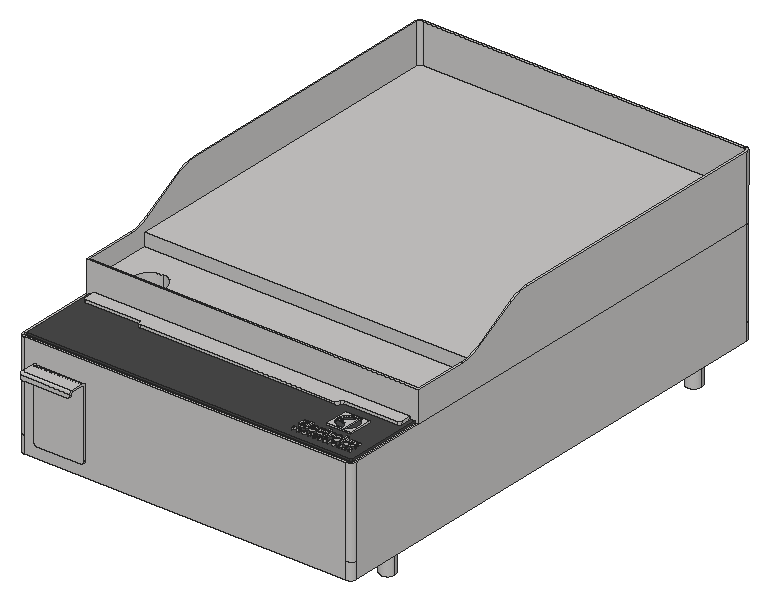
Revit family "QF_ELECTROLUXPROFESSIONAL_602347_E1IREEOMCS", category Specialty Equipment, Revit 2023
Family settings
  Round Connector Dimension = Use Diameter
  Part Type = Normal
  Work Plane-Based = No
  Enable Cutting in Views = No
  Always vertical = Yes
  Cut with Voids When Loaded = No
  Maintain Annotation Orientation = No
  Shared = No
  Room Calculation Point = No
Parameters (values of type "Standard")
  Watts = 0 W
  Volts = 220 V
  URL = "http://professional.electrolux.com"
  Steam Supply Size = 0 mm
  Steam Supply Minimum Pressure = 0.0 Pa
  Steam Supply Maximum Pressure = 0.0 Pa
  Steam Pounds per Hour = 0
  Show Logo [instance] = yes
  Manufacturer = "Electrolux Professional"
  Phase = 1
  Model = "E1IREEOMCS"
  Item Number = "602347"
  Hot Water Size = 0 mm
  HP = "4.7 HP"
  Gas Size = 0 mm
  Gas KW = 0
  Direct Waste Size = 0 mm
  Description = "PLUG-IN INDUCTION GRIDDLE, STAINLESS STEEL SMOOTH PLATE"
  Default Elevation = 0 mm
  Cycle = 60 Hz
  Condensate Return Size = 0 mm
  Compressed Air Volume = 0.0 L/s
  Compressed Air Size = 0 mm
  Compressed Air Pressure = 0.0 Pa
  Cold Water Size = 0 mm
Reference planes
  plane 1 "Centro (Fronte/Retro)": y = 74.737
  plane 2: z = 0
  plane 3: x = -514.269
  plane 4 "LEFT": x = -714.269
  plane 5 "RIGHT": x = -314.269
  plane 6 "BACK": y = 374.737
  plane 7 "FRONT": y = -225.263
  plane 8: x = -712.269
  plane 9: y = 372.737
  plane 10: x = -316.269
  plane 11: y = -223.263
  plane 12: y = -124.263
  plane 13: x = -701.269
  plane 14: x = -327.269
  plane 15: y = 304.737
  plane 16: y = -155.263
  plane 17: x = -442.269
  plane 18: y = 179.737
  plane 19: z = 764
Forms (mm)
  Extrusion 1, solid, material "QF_Finishes_Stainless Steel"
    sketch origin (0, 0, 788) x (1, 0, 0) y (0, 1, 0)
      loop
        arc (-707.269, 374.737) -> (-712.218, 372.687) -> (-714.269, 367.737) r 7
        line (-714.269, 367.737) -> (-714.269, -218.263)
        arc (-714.269, -218.263) -> (-712.218, -223.213) -> (-707.269, -225.263) r 7
        line (-707.269, -225.263) -> (-321.269, -225.263)
        arc (-321.269, -225.263) -> (-316.319, -223.213) -> (-314.269, -218.263) r 7
        line (-314.269, -218.263) -> (-314.269, 367.737)
        arc (-314.269, 367.737) -> (-316.319, 372.687) -> (-321.269, 374.737) r 7
        line (-321.269, 374.737) -> (-707.269, 374.737)
    from 0 to 20
  Extrusion 2, solid, material "QF_Finishes_Stainless Steel"
    sketch origin (0, 0, 788) x (1, 0, 0) y (0, 1, 0)
      loop
        line (-321.269, 374.737) -> (-707.269, 374.737)
        arc (-707.269, 374.737) -> (-712.218, 372.687) -> (-714.269, 367.737) r 7
        line (-714.269, 367.737) -> (-714.269, -218.263)
        arc (-714.269, -218.263) -> (-712.218, -223.213) -> (-707.269, -225.263) r 7
        line (-707.269, -225.263) -> (-321.269, -225.263)
        arc (-321.269, -225.263) -> (-316.319, -223.213) -> (-314.269, -218.263) r 7
        line (-314.269, -218.263) -> (-314.269, 367.737)
        arc (-314.269, 367.737) -> (-316.319, 372.687) -> (-321.269, 374.737) r 7
      loop
        arc (-707.269, 372.737) -> (-710.804, 371.273) -> (-712.269, 367.737) r 5
        line (-712.269, 367.737) -> (-712.269, -218.263)
        arc (-712.269, -218.263) -> (-710.804, -221.798) -> (-707.269, -223.263) r 5
        line (-707.269, -223.263) -> (-321.269, -223.263)
        arc (-321.269, -223.263) -> (-317.733, -221.798) -> (-316.269, -218.263) r 5
        line (-316.269, -218.263) -> (-316.269, 367.737)
        arc (-316.269, 367.737) -> (-317.733, 371.273) -> (-321.269, 372.737) r 5
        line (-321.269, 372.737) -> (-707.269, 372.737)
    from 20 to 126
  Extrusion 3, solid, material "QF_Finishes_Black"
    sketch origin (0, 0, 914) x (-1, 0, 0) y (0, -1, 0)
      loop
        line (709.269, 124.263) -> (709.269, 218.263)
        arc (709.269, 218.263) -> (708.683, 219.677) -> (707.269, 220.263) r 2
        line (707.269, 220.263) -> (321.269, 220.263)
        arc (321.269, 220.263) -> (319.854, 219.677) -> (319.269, 218.263) r 2
        line (319.269, 218.263) -> (319.269, 124.263) -> (709.269, 124.263)
    from 0 to 2
  Extrusion 4, solid, material "QF_Finishes_Stainless Steel"
    sketch origin (0, 0, 914) x (-1, 0, 0) y (0, -1, 0)
      loop
        arc (701.269, 124.263) -> (703.39, 125.142) -> (704.269, 127.263) r 3
        line (704.269, 127.263) -> (704.269, 137.763)
        arc (704.269, 137.763) -> (703.39, 139.884) -> (701.269, 140.763) r 3
        line (701.269, 140.763) -> (637.269, 140.763)
        arc (637.269, 140.763) -> (635.147, 141.642) -> (634.269, 143.763) r 3
        arc (634.269, 143.763) -> (633.39, 145.884) -> (631.269, 146.763) r 3
        line (631.269, 146.763) -> (397.269, 146.763)
        arc (397.269, 146.763) -> (395.147, 145.884) -> (394.269, 143.763) r 3
        arc (394.269, 143.763) -> (393.39, 141.642) -> (391.269, 140.763) r 3
        line (391.269, 140.763) -> (327.269, 140.763)
        arc (327.269, 140.763) -> (325.147, 139.884) -> (324.269, 137.763) r 3
        line (324.269, 137.763) -> (324.269, 127.263)
        arc (324.269, 127.263) -> (325.147, 125.142) -> (327.269, 124.263) r 3
        line (327.269, 124.263) -> (701.269, 124.263)
    from 2 to 5
  Extrusion 5, solid, material "QF_Finishes_Stainless Steel"
    sketch origin (0, 0, 140) x (-1, 0, 0) y (0, -1, 0)
      loop
        circle (701.269, -304.737) r 9
      loop
        circle (327.269, -304.737) r 9
      loop
        circle (701.269, 155.263) r 9
      loop
        circle (327.269, 155.263) r 9
    from 624 to 648
  Extrusion 6, solid, material "QF_Finishes_Stainless Steel"
    sketch origin (0, 0, 140) x (-1, 0, 0) y (0, -1, 0)
      loop
        circle (442.269, -179.737) r 10
    from 638.028 to 648
  Extrusion 7, solid, material "QF_Finishes_Stainless Steel"
    sketch origin (0, 0, 140) x (-1, 0, 0) y (0, -1, 0)
      loop
        line (321.269, -374.737) -> (707.269, -374.737)
        arc (707.269, -374.737) -> (712.218, -372.687) -> (714.269, -367.737) r 7
        line (714.269, -367.737) -> (714.269, 124.263) -> (314.269, 124.263) -> (314.269, -367.737)
        arc (314.269, -367.737) -> (316.319, -372.687) -> (321.269, -374.737) r 7
      loop
        line (712.269, 122.263) -> (316.269, 122.263) -> (316.269, -367.737)
        arc (316.269, -367.737) -> (317.733, -371.273) -> (321.269, -372.737) r 5
        line (321.269, -372.737) -> (707.269, -372.737)
        arc (707.269, -372.737) -> (710.804, -371.273) -> (712.269, -367.737) r 5
        line (712.269, -367.737) -> (712.269, 122.263)
    from 774 to 851
  Extrusion 8, void
    sketch origin (-714.269, 367.737, 140) x (0, 1, 0) y (0, 0, 1)
      loop
        line (-492, 851) -> (-492, 811) -> (-425.278, 811)
        arc (-425.278, 811) -> (-412.445, 812.675) -> (-400.471, 817.588) r 50
        line (-400.471, 817.588) -> (-353.529, 844.412)
        arc (-353.529, 844.412) -> (-341.555, 849.325) -> (-328.722, 851) r 50
        line (-328.722, 851) -> (-492, 851)
    from 0 to 400
  Extrusion 9, solid, material "QF_Finishes_Stainless Steel"
    sketch origin (0, 0, 140) x (-1, 0, 0) y (0, -1, 0)
      loop
        line (712.269, -367.737) -> (712.269, 40.263) -> (316.269, 40.263) -> (316.269, -367.737)
        arc (316.269, -367.737) -> (317.733, -371.273) -> (321.269, -372.737) r 5
        line (321.269, -372.737) -> (707.269, -372.737)
        arc (707.269, -372.737) -> (710.804, -371.273) -> (712.269, -367.737) r 5
    from 774 to 804.06
  Extrusion 10, solid, material "QF_Finishes_Stainless Steel"
    sketch origin (0, 0, 140) x (-1, 0, 0) y (0, -1, 0)
      loop
        line (712.269, 40.263) -> (712.269, 122.263) -> (316.269, 122.263) -> (316.269, 40.263) -> (712.269, 40.263)
    from 774 to 789
  Extrusion 11, solid, material "QF_Finishes_Stainless Steel"
    sketch origin (-695.269, 367.737, 788) x (0, -1, 0) y (0, 0, 1)
      loop
        line (593, 14) -> (594.5, 14) -> (594.5, 99)
        arc (594.5, 99) -> (594.939, 100.061) -> (596, 100.5) r 1.5
        line (596, 100.5) -> (612, 100.5)
        arc (612, 100.5) -> (613.061, 100.061) -> (613.5, 99) r 1.5
        line (613.5, 99) -> (613.5, 94) -> (615, 94) -> (615, 99)
        arc (615, 99) -> (614.121, 101.121) -> (612, 102) r 3
        line (612, 102) -> (596, 102)
        arc (596, 102) -> (593.879, 101.121) -> (593, 99) r 3
        line (593, 99) -> (593, 14)
    from 0 to -60
  Extrusion 12, void
    sketch origin (-695.269, -226.763, 802) x (0, 0, 1) y (1, 0, 0)
      loop
        arc (4, 0) -> (1.172, 1.172) -> (0, 4) r 4
        line (0, 4) -> (0, 0) -> (4, 0)
      loop
        line (4, 60) -> (0, 60) -> (0, 56)
        arc (0, 56) -> (1.172, 58.828) -> (4, 60) r 4
    from 1.5 to 0
  Extrusion 13, void
    sketch origin (-695.269, -247.263, 890) x (0, 0, 1) y (1, 0, 0)
      loop
        arc (-4, 0) -> (-6.828, 1.172) -> (-8, 4) r 4
        line (-8, 4) -> (-8, 0) -> (-4, 0)
      loop
        line (-4, 60) -> (-8, 60) -> (-8, 56)
        arc (-8, 56) -> (-6.828, 58.828) -> (-4, 60) r 4
    from 0 to 1.5
  Extrusion 14, void
    sketch origin (3.3, 0, 929) x (0, -1, 0) y (-1, 0, 0)
      loop
        circle (91.263, 667.536) r 19
    from 0 to 71.307
Cuts and joins
  Extrusion 12, Extrusion 13 cuts Extrusion 1
  Extrusion 12, Extrusion 13 cuts Extrusion 2
  joined: Extrusion 1, Extrusion 2
  Extrusion 8 cuts Extrusion 7
  Extrusion 12, Extrusion 13 cuts Extrusion 11
  Extrusion 14 cuts Extrusion 10
Lines and regions (mm)
  symbolic lines
    curve 1: line (-321.269, 374.737, 126) -> (-707.269, 374.737, 126)
    curve 2: arc (-707.269, 374.737, 126) -> (-712.218, 372.687, 126) -> (-714.269, 367.737, 126) r 7
    curve 3: line (-714.269, 367.737, 126) -> (-714.269, -218.263, 126)
    curve 4: arc (-714.269, -218.263, 126) -> (-712.218, -223.213, 126) -> (-707.269, -225.263, 126) r 7
    curve 5: line (-707.269, -225.263, 126) -> (-321.269, -225.263, 126)
    curve 6: arc (-321.269, -225.263, 126) -> (-316.319, -223.213, 126) -> (-314.269, -218.263, 126) r 7
    curve 7: line (-314.269, -218.263, 126) -> (-314.269, 367.737, 126)
    curve 8: arc (-314.269, 367.737, 126) -> (-316.319, 372.687, 126) -> (-321.269, 374.737, 126) r 7
    curve 9: line (-707.269, 372.737, 126) -> (-321.269, 372.737, 126)
    curve 10: arc (-321.269, 372.737, 126) -> (-317.733, 371.273, 126) -> (-316.269, 367.737, 126) r 5
    curve 11: line (-316.269, 367.737, 126) -> (-316.269, -218.263, 126)
    curve 12: arc (-316.269, -218.263, 126) -> (-317.733, -221.798, 126) -> (-321.269, -223.263, 126) r 5
    curve 13: line (-321.269, -223.263, 126) -> (-707.269, -223.263, 126)
    curve 14: arc (-707.269, -223.263, 126) -> (-710.804, -221.798, 126) -> (-712.269, -218.263, 126) r 5
    curve 15: line (-712.269, -218.263, 126) -> (-712.269, 367.737, 126)
    curve 16: arc (-712.269, 367.737, 126) -> (-710.804, 371.273, 126) -> (-707.269, 372.737, 126) r 5
    curve 17: line (-631.269, -146.763, 126) -> (-397.269, -146.763, 126)
    curve 18: arc (-397.269, -146.763, 126) -> (-395.147, -145.884, 126) -> (-394.269, -143.763, 126) r 3
    curve 19: arc (-394.269, -143.763, 126) -> (-393.39, -141.642, 126) -> (-391.269, -140.763, 126) r 3
    curve 20: line (-391.269, -140.763, 126) -> (-327.269, -140.763, 126)
    curve 21: arc (-327.269, -140.763, 126) -> (-325.147, -139.884, 126) -> (-324.269, -137.763, 126) r 3
    curve 22: line (-324.269, -137.763, 126) -> (-324.269, -127.263, 126)
    curve 23: arc (-324.269, -127.263, 126) -> (-325.147, -125.142, 126) -> (-327.269, -124.263, 126) r 3
    curve 24: arc (-701.269, -124.263, 126) -> (-703.39, -125.142, 126) -> (-704.269, -127.263, 126) r 3
    curve 25: line (-704.269, -127.263, 126) -> (-704.269, -137.763, 126)
    curve 26: arc (-704.269, -137.763, 126) -> (-703.39, -139.884, 126) -> (-701.269, -140.763, 126) r 3
    curve 27: line (-701.269, -140.763, 126) -> (-637.269, -140.763, 126)
    curve 28: line (-319.269, -218.263, 126) -> (-319.269, -124.263, 126)
    curve 29: line (-709.269, -124.263, 126) -> (-709.269, -218.263, 126)
    curve 30: arc (-709.269, -218.263, 126) -> (-708.683, -219.677, 126) -> (-707.269, -220.263, 126) r 2
    curve 31: line (-707.269, -220.263, 126) -> (-321.269, -220.263, 126)
    curve 32: arc (-321.269, -220.263, 126) -> (-319.854, -219.677, 126) -> (-319.269, -218.263, 126) r 2
    curve 33: arc (-637.269, -140.763, 126) -> (-635.147, -141.642, 126) -> (-634.269, -143.763, 126) r 3
    curve 34: arc (-634.269, -143.763, 126) -> (-633.39, -145.884, 126) -> (-631.269, -146.763, 126) r 3
    curve 35: line (-709.269, -124.263, 0) -> (-319.269, -124.263, 0)
    curve 36: line (-712.269, -40.263, 126) -> (-316.269, -40.263, 126)
    curve 37: line (-378.626, -153.452, 126) -> (-378.626, -182.168, 126)
    curve 38: line (-378.626, -182.168, 126) -> (-349.912, -182.168, 126)
    curve 39: line (-349.912, -182.168, 126) -> (-349.912, -153.452, 126)
    curve 40: line (-349.912, -153.452, 126) -> (-378.626, -153.452, 126)
    curve 41: line (-375.841, -162.424, 126) -> (-375.07, -161.023, 126)
    curve 42: line (-375.07, -161.023, 126) -> (-374.141, -159.732, 126)
    curve 43: line (-374.141, -159.732, 126) -> (-373.065, -158.564, 126)
    curve 44: line (-373.065, -158.564, 126) -> (-371.856, -157.535, 126)
    curve 45: line (-371.856, -157.535, 126) -> (-370.527, -156.661, 126)
    curve 46: line (-370.527, -156.661, 126) -> (-369.091, -155.954, 126)
    curve 47: line (-369.091, -155.954, 126) -> (-367.562, -155.431, 126)
    curve 48: line (-367.562, -155.431, 126) -> (-365.952, -155.107, 126)
    curve 49: arc (-365.952, -155.107, 126) -> (-363.752, -155.007, 126) -> (-361.567, -155.279, 126) r 13.008
    curve 50: arc (-361.567, -155.279, 126) -> (-361.815, -157.647, 126) -> (-362.651, -159.876, 126) r 9.395
    curve 51: line (-362.651, -159.876, 126) -> (-363.438, -161.245, 126)
    curve 52: line (-363.438, -161.245, 126) -> (-364.403, -162.507, 126)
    curve 53: line (-364.403, -162.507, 126) -> (-365.524, -163.648, 126)
    curve 54: line (-365.524, -163.648, 126) -> (-366.781, -164.654, 126)
    curve 55: line (-366.781, -164.654, 126) -> (-368.151, -165.509, 126)
    curve 56: line (-368.151, -165.509, 126) -> (-369.615, -166.2, 126)
    curve 57: line (-369.615, -166.2, 126) -> (-371.15, -166.712, 126)
    curve 58: line (-371.15, -166.712, 126) -> (-372.736, -167.029, 126)
    curve 59: line (-372.736, -167.029, 126) -> (-374.352, -167.138, 126)
    curve 60: line (-374.352, -167.138, 126) -> (-377.067, -167.138, 126)
    curve 61: line (-377.067, -167.138, 126) -> (-376.852, -165.495, 126)
    curve 62: line (-376.852, -165.495, 126) -> (-376.439, -163.92, 126)
    curve 63: line (-376.439, -163.92, 126) -> (-375.841, -162.424, 126)
    curve 64: line (-360.221, -179.969, 126) -> (-360.221, -155.646, 126)
    curve 65: line (-360.221, -155.646, 126) -> (-358.743, -156.237, 126)
    curve 66: line (-358.743, -156.237, 126) -> (-357.363, -157.003, 126)
    curve 67: line (-357.363, -157.003, 126) -> (-356.095, -157.931, 126)
    curve 68: line (-356.095, -157.931, 126) -> (-354.951, -159.007, 126)
    curve 69: line (-354.951, -159.007, 126) -> (-353.945, -160.217, 126)
    curve 70: line (-353.945, -160.217, 126) -> (-353.092, -161.548, 126)
    curve 71: line (-353.092, -161.548, 126) -> (-352.403, -162.986, 126)
    curve 72: line (-352.403, -162.986, 126) -> (-351.894, -164.517, 126)
    curve 73: line (-351.894, -164.517, 126) -> (-351.576, -166.128, 126)
    curve 74: line (-351.576, -166.128, 126) -> (-351.464, -167.804, 126)
    curve 75: line (-351.464, -167.804, 126) -> (-351.567, -169.456, 126)
    curve 76: line (-351.567, -169.456, 126) -> (-351.873, -171.047, 126)
    curve 77: line (-351.873, -171.047, 126) -> (-352.372, -172.563, 126)
    curve 78: line (-352.372, -172.563, 126) -> (-353.05, -173.992, 126)
    curve 79: line (-353.05, -173.992, 126) -> (-353.897, -175.319, 126)
    curve 80: line (-353.897, -175.319, 126) -> (-354.899, -176.532, 126)
    curve 81: line (-354.899, -176.532, 126) -> (-356.044, -177.617, 126)
    curve 82: line (-356.044, -177.617, 126) -> (-357.321, -178.56, 126)
    curve 83: line (-357.321, -178.56, 126) -> (-358.718, -179.349, 126)
    curve 84: line (-358.718, -179.349, 126) -> (-360.221, -179.969, 126)
    curve 85: line (-369.613, -169.43, 126) -> (-368.15, -170.12, 126)
    curve 86: line (-368.15, -170.12, 126) -> (-366.78, -170.975, 126)
    curve 87: line (-366.78, -170.975, 126) -> (-365.524, -171.98, 126)
    curve 88: line (-365.524, -171.98, 126) -> (-364.403, -173.12, 126)
    curve 89: line (-364.403, -173.12, 126) -> (-363.439, -174.381, 126)
    curve 90: line (-363.439, -174.381, 126) -> (-362.652, -175.748, 126)
    curve 91: arc (-362.652, -175.748, 126) -> (-361.85, -177.982, 126) -> (-361.568, -180.34, 126) r 10.532
    curve 92: arc (-361.568, -180.34, 126) -> (-362.906, -180.548, 126) -> (-364.258, -180.63, 126) r 14.39
    curve 93: line (-364.258, -180.63, 126) -> (-365.828, -180.532, 126)
    curve 94: line (-365.828, -180.532, 126) -> (-367.331, -180.252, 126)
    curve 95: line (-367.331, -180.252, 126) -> (-368.77, -179.801, 126)
    curve 96: line (-368.77, -179.801, 126) -> (-370.134, -179.191, 126)
    curve 97: line (-370.134, -179.191, 126) -> (-371.411, -178.434, 126)
    curve 98: line (-371.411, -178.434, 126) -> (-372.589, -177.541, 126)
    curve 99: line (-372.589, -177.541, 126) -> (-373.656, -176.525, 126)
    curve 100: line (-373.656, -176.525, 126) -> (-374.6, -175.397, 126)
    curve 101: line (-374.6, -175.397, 126) -> (-375.41, -174.168, 126)
    curve 102: line (-375.41, -174.168, 126) -> (-376.073, -172.852, 126)
    curve 103: line (-376.073, -172.852, 126) -> (-376.579, -171.46, 126)
    curve 104: line (-376.579, -171.46, 126) -> (-376.915, -170.003, 126)
    curve 105: line (-376.915, -170.003, 126) -> (-377.069, -168.493, 126)
    curve 106: line (-377.069, -168.493, 126) -> (-374.35, -168.493, 126)
    curve 107: line (-374.35, -168.493, 126) -> (-372.734, -168.602, 126)
    curve 108: line (-372.734, -168.602, 126) -> (-371.148, -168.919, 126)
    curve 109: line (-371.148, -168.919, 126) -> (-369.613, -169.43, 126)
    curve 110: arc (-399.495, -197.154, 126) -> (-398.466, -199.638, 126) -> (-395.982, -200.667, 126) r 3.513
    curve 111: line (-395.982, -200.667, 126) -> (-392.408, -200.667, 126)
    curve 112: line (-392.408, -200.667, 126) -> (-392.408, -198.85, 126)
    curve 113: line (-392.408, -198.85, 126) -> (-395.966, -198.85, 126)
    curve 114: arc (-395.966, -198.85, 126) -> (-397.094, -198.382, 126) -> (-397.562, -197.254, 126) r 1.596
    curve 115: line (-397.562, -197.254, 126) -> (-397.562, -195.74, 126)
    curve 116: line (-397.562, -195.74, 126) -> (-392.843, -195.74, 126)
    curve 117: line (-392.843, -195.74, 126) -> (-392.843, -193.917, 126)
    curve 118: line (-392.843, -193.917, 126) -> (-397.563, -193.917, 126)
    curve 119: line (-397.563, -193.917, 126) -> (-397.563, -191.264, 126)
    curve 120: line (-397.563, -191.264, 126) -> (-392.542, -191.264, 126)
    curve 121: line (-392.542, -191.264, 126) -> (-392.542, -189.445, 126)
    curve 122: line (-392.542, -189.445, 126) -> (-399.495, -189.445, 126)
    curve 123: line (-399.495, -189.445, 126) -> (-399.495, -193.353, 126)
    curve 124: line (-399.495, -193.353, 126) -> (-399.495, -197.154, 126)
    curve 125: line (-389.101, -189.455, 126) -> (-391.035, -189.455, 126)
    curve 126: line (-391.035, -189.455, 126) -> (-391.035, -194.76, 126)
    curve 127: line (-391.035, -194.76, 126) -> (-391.035, -200.681, 126)
    curve 128: line (-391.035, -200.681, 126) -> (-389.101, -200.681, 126)
    curve 129: line (-389.101, -200.681, 126) -> (-389.101, -194.721, 126)
    curve 130: line (-389.101, -194.721, 126) -> (-389.101, -189.455, 126)
    curve 131: arc (-380.394, -193.787, 126) -> (-383.654, -192.313, 126) -> (-386.913, -193.787, 126) r 4.34
    curve 132: arc (-386.913, -193.787, 126) -> (-387.819, -196.606, 126) -> (-386.913, -199.425, 126) r 4.838
    curve 133: arc (-386.913, -199.425, 126) -> (-383.498, -200.88, 126) -> (-380.082, -199.425, 126) r 4.737
    curve 134: line (-380.082, -199.425, 126) -> (-381.246, -198.293, 126)
    curve 135: arc (-381.246, -198.293, 126) -> (-383.382, -199.237, 126) -> (-385.517, -198.293, 126) r 2.888
    curve 136: arc (-385.517, -198.293, 126) -> (-385.841, -197.736, 126) -> (-385.905, -197.095, 126) r 1.527
    curve 137: line (-385.905, -197.095, 126) -> (-379.564, -197.095, 126)
    curve 138: arc (-379.564, -197.095, 126) -> (-379.672, -195.364, 126) -> (-380.394, -193.787, 126) r 4.757
    curve 139: line (-381.505, -195.736, 126) -> (-385.858, -195.736, 126)
    curve 140: arc (-385.858, -195.736, 126) -> (-385.043, -194.411, 126) -> (-383.56, -193.941, 126) r 2.23
    curve 141: arc (-383.56, -193.941, 126) -> (-382.221, -194.482, 126) -> (-381.505, -195.736, 126) r 2.201
    curve 142: arc (-372.029, -198.26, 126) -> (-376.639, -196.593, 126) -> (-372.029, -194.927, 126) r 2.606
    curve 143: line (-372.029, -194.927, 126) -> (-370.832, -193.681, 126)
    curve 144: arc (-370.832, -193.681, 126) -> (-378.564, -196.594, 126) -> (-370.832, -199.507, 126) r 4.415
    curve 145: line (-370.832, -199.507, 126) -> (-372.029, -198.26, 126)
    curve 146: line (-369.629, -193.481, 126) -> (-369.629, -197.299, 126)
    curve 147: arc (-369.629, -197.299, 126) -> (-368.592, -199.893, 126) -> (-365.911, -200.681, 126) r 3.196
    curve 148: line (-365.911, -200.681, 126) -> (-365.904, -198.864, 126)
    curve 149: arc (-365.904, -198.864, 126) -> (-367.239, -198.457, 126) -> (-367.699, -197.14, 126) r 1.542
    curve 150: line (-367.699, -197.14, 126) -> (-367.699, -194.319, 126)
    curve 151: line (-367.699, -194.319, 126) -> (-365.94, -194.319, 126)
    curve 152: line (-365.94, -194.319, 126) -> (-365.94, -192.562, 126)
    curve 153: line (-365.94, -192.562, 126) -> (-367.696, -192.562, 126)
    curve 154: line (-367.696, -192.562, 126) -> (-367.696, -189.455, 126)
    curve 155: line (-367.696, -189.455, 126) -> (-369.629, -189.455, 126)
    curve 156: line (-369.629, -189.455, 126) -> (-369.629, -193.481, 126)
    curve 157: arc (-359.402, -192.451, 126) -> (-361.13, -192.587, 126) -> (-362.397, -193.771, 126) r 2.627
    curve 158: line (-362.397, -193.771, 126) -> (-362.397, -192.563, 126)
    curve 159: line (-362.397, -192.563, 126) -> (-364.315, -192.563, 126)
    curve 160: line (-364.315, -192.563, 126) -> (-364.315, -196.541, 126)
    curve 161: line (-364.315, -196.541, 126) -> (-364.315, -200.681, 126)
    curve 162: line (-364.315, -200.681, 126) -> (-362.397, -200.681, 126)
    curve 163: line (-362.397, -200.681, 126) -> (-362.397, -196.412, 126)
    curve 164: arc (-362.397, -196.412, 126) -> (-361.445, -194.585, 126) -> (-359.402, -194.319, 126) r 2.229
    curve 165: line (-359.402, -194.319, 126) -> (-359.402, -192.451, 126)
    curve 166: arc (-350.248, -196.625, 126) -> (-354.668, -192.205, 126) -> (-359.088, -196.625, 126) r 4.42
    curve 167: arc (-359.088, -196.625, 126) -> (-354.668, -201.046, 126) -> (-350.248, -196.625, 126) r 4.42
    curve 168: arc (-357.176, -196.625, 126) -> (-354.668, -194.117, 126) -> (-352.16, -196.625, 126) r 2.508
    curve 169: arc (-352.16, -196.625, 126) -> (-354.668, -199.134, 126) -> (-357.176, -196.625, 126) r 2.508
    curve 170: line (-347.124, -189.454, 126) -> (-349.058, -189.454, 126)
    curve 171: line (-349.058, -189.454, 126) -> (-349.058, -194.566, 126)
    curve 172: line (-349.058, -194.566, 126) -> (-349.058, -200.682, 126)
    curve 173: line (-349.058, -200.682, 126) -> (-347.124, -200.682, 126)
    curve 174: line (-347.124, -200.682, 126) -> (-347.124, -194.643, 126)
    curve 175: line (-347.124, -194.643, 126) -> (-347.124, -189.454, 126)
    curve 176: line (-343.697, -192.562, 126) -> (-345.646, -192.562, 126)
    curve 177: line (-345.646, -192.562, 126) -> (-345.646, -194.915, 126)
    curve 178: line (-345.646, -194.915, 126) -> (-345.646, -197.715, 126)
    curve 179: arc (-345.646, -197.715, 126) -> (-341.931, -201.044, 126) -> (-338.204, -197.728, 126) r 3.745
    curve 180: line (-338.204, -197.728, 126) -> (-338.204, -194.915, 126)
    curve 181: line (-338.204, -194.915, 126) -> (-338.204, -192.562, 126)
    curve 182: line (-338.204, -192.562, 126) -> (-340.152, -192.562, 126)
    curve 183: line (-340.152, -192.562, 126) -> (-340.152, -197.299, 126)
    curve 184: arc (-340.152, -197.299, 126) -> (-341.925, -199.071, 126) -> (-343.697, -197.299, 126) r 1.772
    curve 185: line (-343.697, -197.299, 126) -> (-343.697, -192.562, 126)
    curve 186: line (-334.237, -196.397, 126) -> (-335.916, -198.735, 126)
    curve 187: line (-335.916, -198.735, 126) -> (-337.313, -200.682, 126)
    curve 188: line (-337.313, -200.682, 126) -> (-335.235, -200.682, 126)
    curve 189: line (-335.235, -200.682, 126) -> (-333.174, -197.813, 126)
    curve 190: line (-333.174, -197.813, 126) -> (-331.112, -200.682, 126)
    curve 191: line (-331.112, -200.682, 126) -> (-329.034, -200.682, 126)
    curve 192: line (-329.034, -200.682, 126) -> (-330.891, -198.085, 126)
    curve 193: line (-330.891, -198.085, 126) -> (-332.11, -196.38, 126)
    curve 194: line (-332.11, -196.38, 126) -> (-330.601, -194.325, 126)
    curve 195: line (-330.601, -194.325, 126) -> (-329.308, -192.563, 126)
    curve 196: line (-329.308, -192.563, 126) -> (-331.418, -192.563, 126)
    curve 197: line (-331.418, -192.563, 126) -> (-333.174, -194.995, 126)
    curve 198: line (-333.174, -194.995, 126) -> (-334.946, -192.563, 126)
    curve 199: line (-334.946, -192.563, 126) -> (-337.039, -192.563, 126)
    curve 200: line (-337.039, -192.563, 126) -> (-335.839, -194.205, 126)
    curve 201: line (-335.839, -194.205, 126) -> (-334.237, -196.397, 126)
    curve 202: line (-399.467, -205.699, 126) -> (-399.467, -209.59, 126)
    curve 203: line (-399.467, -209.59, 126) -> (-398.667, -209.59, 126)
    curve 204: line (-398.667, -209.59, 126) -> (-398.667, -208.271, 126)
    curve 205: line (-398.667, -208.271, 126) -> (-397.697, -208.271, 126)
    curve 206: arc (-397.697, -208.271, 126) -> (-396.674, -206.863, 126) -> (-397.967, -205.699, 126) r 1.3
    curve 207: line (-397.967, -205.699, 126) -> (-399.467, -205.699, 126)
    curve 208: line (-398.667, -207.52, 126) -> (-398.667, -206.434, 126)
    curve 209: line (-398.667, -206.434, 126) -> (-397.861, -206.434, 126)
    curve 210: arc (-397.861, -206.434, 126) -> (-397.461, -206.977, 126) -> (-397.861, -207.52, 126) r 0.569
    curve 211: line (-397.861, -207.52, 126) -> (-398.667, -207.52, 126)
    curve 212: line (-393.389, -205.699, 126) -> (-393.389, -209.59, 126)
    curve 213: line (-393.389, -209.59, 126) -> (-392.589, -209.59, 126)
    curve 214: line (-392.589, -209.59, 126) -> (-392.589, -208.249, 126)
    curve 215: line (-392.589, -208.249, 126) -> (-391.763, -208.249, 126)
    curve 216: line (-391.763, -208.249, 126) -> (-390.957, -209.59, 126)
    curve 217: line (-390.957, -209.59, 126) -> (-390.05, -209.59, 126)
    curve 218: line (-390.05, -209.59, 126) -> (-391.058, -207.929, 126)
    curve 219: arc (-391.058, -207.929, 126) -> (-390.677, -206.531, 126) -> (-391.863, -205.699, 126) r 1.26
    curve 220: line (-391.863, -205.699, 126) -> (-393.389, -205.699, 126)
    curve 221: line (-392.589, -207.52, 126) -> (-392.589, -206.434, 126)
    curve 222: line (-392.589, -206.434, 126) -> (-391.782, -206.434, 126)
    curve 223: arc (-391.782, -206.434, 126) -> (-391.383, -206.977, 126) -> (-391.782, -207.52, 126) r 0.569
    curve 224: line (-391.782, -207.52, 126) -> (-392.589, -207.52, 126)
    curve 225: arc (-386.695, -207.668, 126) -> (-385.407, -206.38, 126) -> (-384.119, -207.668, 126) r 1.288
    curve 226: arc (-384.119, -207.668, 126) -> (-385.407, -208.956, 126) -> (-386.695, -207.668, 126) r 1.288
    curve 227: arc (-383.342, -207.668, 126) -> (-385.407, -205.603, 126) -> (-387.472, -207.668, 126) r 2.065
    curve 228: arc (-387.472, -207.668, 126) -> (-385.407, -209.733, 126) -> (-383.342, -207.668, 126) r 2.065
    curve 229: line (-379.969, -205.699, 126) -> (-379.969, -209.59, 126)
    curve 230: line (-379.969, -209.59, 126) -> (-379.169, -209.59, 126)
    curve 231: line (-379.169, -209.59, 126) -> (-379.169, -208.099, 126)
    curve 232: line (-379.169, -208.099, 126) -> (-377.704, -208.099, 126)
    curve 233: line (-377.704, -208.099, 126) -> (-377.704, -207.299, 126)
    curve 234: line (-377.704, -207.299, 126) -> (-379.169, -207.299, 126)
    curve 235: line (-379.169, -207.299, 126) -> (-379.169, -206.499, 126)
    curve 236: line (-379.169, -206.499, 126) -> (-377.564, -206.499, 126)
    curve 237: line (-377.564, -206.499, 126) -> (-377.564, -205.699, 126)
    curve 238: line (-377.564, -205.699, 126) -> (-379.969, -205.699, 126)
    curve 239: line (-374.264, -205.699, 126) -> (-374.264, -208.344, 126)
    curve 240: arc (-374.264, -208.344, 126) -> (-373.899, -209.225, 126) -> (-373.017, -209.59, 126) r 1.246
    curve 241: line (-373.017, -209.59, 126) -> (-371.761, -209.59, 126)
    curve 242: line (-371.761, -209.59, 126) -> (-371.761, -208.79, 126)
    curve 243: line (-371.761, -208.79, 126) -> (-372.922, -208.79, 126)
    curve 244: arc (-372.922, -208.79, 126) -> (-373.361, -208.576, 126) -> (-373.464, -208.099, 126) r 0.558
    curve 245: line (-373.464, -208.099, 126) -> (-371.907, -208.099, 126)
    curve 246: line (-371.907, -208.099, 126) -> (-371.907, -207.299, 126)
    curve 247: line (-371.907, -207.299, 126) -> (-373.464, -207.299, 126)
    curve 248: line (-373.464, -207.299, 126) -> (-373.464, -206.499, 126)
    curve 249: line (-373.464, -206.499, 126) -> (-371.799, -206.499, 126)
    curve 250: line (-371.799, -206.499, 126) -> (-371.799, -205.699, 126)
    curve 251: line (-371.799, -205.699, 126) -> (-374.264, -205.699, 126)
    curve 252: arc (-368.711, -208.718, 126) -> (-367.818, -209.538, 126) -> (-366.606, -209.568, 126) r 1.725
    curve 253: arc (-366.606, -209.568, 126) -> (-365.785, -208.793, 126) -> (-366.071, -207.702, 126) r 1.107
    curve 254: arc (-366.071, -207.702, 126) -> (-366.648, -207.348, 126) -> (-367.264, -207.067, 126) r 5.523
    curve 255: arc (-367.264, -207.067, 126) -> (-367.604, -206.55, 126) -> (-367.043, -206.293, 126) r 0.407
    curve 256: arc (-367.043, -206.293, 126) -> (-366.706, -206.498, 126) -> (-366.425, -206.775, 126) r 1.702
    curve 257: line (-366.425, -206.775, 126) -> (-365.74, -206.363, 126)
    curve 258: arc (-365.74, -206.363, 126) -> (-366.172, -205.902, 126) -> (-366.708, -205.566, 126) r 2.463
    curve 259: arc (-366.708, -205.566, 126) -> (-368.378, -206.347, 126) -> (-367.331, -207.864, 126) r 1.207
    curve 260: line (-367.331, -207.864, 126) -> (-366.868, -208.812, 126)
    curve 261: arc (-366.868, -208.812, 126) -> (-367.513, -208.798, 126) -> (-367.991, -208.367, 126) r 0.925
    curve 262: line (-367.991, -208.367, 126) -> (-368.711, -208.718, 126)
    curve 263: arc (-362.851, -208.718, 126) -> (-361.958, -209.538, 126) -> (-360.746, -209.568, 126) r 1.725
    curve 264: arc (-360.746, -209.568, 126) -> (-359.926, -208.793, 126) -> (-360.211, -207.702, 126) r 1.107
    curve 265: arc (-360.211, -207.702, 126) -> (-360.788, -207.348, 126) -> (-361.405, -207.067, 126) r 5.523
    curve 266: arc (-361.405, -207.067, 126) -> (-361.745, -206.55, 126) -> (-361.183, -206.293, 126) r 0.407
    curve 267: arc (-361.183, -206.293, 126) -> (-360.846, -206.498, 126) -> (-360.566, -206.775, 126) r 1.702
    curve 268: line (-360.566, -206.775, 126) -> (-359.88, -206.363, 126)
    curve 269: arc (-359.88, -206.363, 126) -> (-360.313, -205.902, 126) -> (-360.848, -205.566, 126) r 2.463
    curve 270: arc (-360.848, -205.566, 126) -> (-362.518, -206.347, 126) -> (-361.471, -207.864, 126) r 1.207
    curve 271: line (-361.471, -207.864, 126) -> (-361.009, -208.812, 126)
    curve 272: arc (-361.009, -208.812, 126) -> (-361.653, -208.798, 126) -> (-362.132, -208.367, 126) r 0.925
    curve 273: line (-362.132, -208.367, 126) -> (-362.851, -208.718, 126)
    curve 274: line (-356.591, -209.59, 126) -> (-355.791, -209.59, 126)
    curve 275: line (-355.791, -209.59, 126) -> (-355.791, -205.699, 126)
    curve 276: line (-355.791, -205.699, 126) -> (-356.591, -205.699, 126)
    curve 277: line (-356.591, -205.699, 126) -> (-356.591, -209.59, 126)
    curve 278: arc (-352.472, -207.668, 126) -> (-350.407, -209.733, 126) -> (-348.342, -207.668, 126) r 2.065
    curve 279: arc (-348.342, -207.668, 126) -> (-350.407, -205.603, 126) -> (-352.472, -207.668, 126) r 2.065
    curve 280: arc (-351.695, -207.668, 126) -> (-350.407, -206.38, 126) -> (-349.119, -207.668, 126) r 1.288
    curve 281: arc (-349.119, -207.668, 126) -> (-350.407, -208.956, 126) -> (-351.695, -207.668, 126) r 1.288
    curve 282: line (-345.051, -205.699, 126) -> (-345.051, -209.59, 126)
    curve 283: line (-345.051, -209.59, 126) -> (-344.221, -209.59, 126)
    curve 284: line (-344.221, -209.59, 126) -> (-344.221, -207.143, 126)
    curve 285: line (-344.221, -207.143, 126) -> (-342.441, -209.59, 126)
    curve 286: line (-342.441, -209.59, 126) -> (-341.641, -209.59, 126)
    curve 287: line (-341.641, -209.59, 126) -> (-341.641, -205.699, 126)
    curve 288: line (-341.641, -205.699, 126) -> (-342.471, -205.699, 126)
    curve 289: line (-342.471, -205.699, 126) -> (-342.471, -208.219, 126)
    curve 290: line (-342.471, -208.219, 126) -> (-344.251, -205.699, 126)
    curve 291: line (-344.251, -205.699, 126) -> (-345.051, -205.699, 126)
    curve 292: line (-336.895, -205.7, 126) -> (-338.488, -209.59, 126)
    curve 293: line (-338.488, -209.59, 126) -> (-337.629, -209.59, 126)
    curve 294: line (-337.629, -209.59, 126) -> (-337.25, -208.75, 126)
    curve 295: line (-337.25, -208.75, 126) -> (-335.811, -208.75, 126)
    curve 296: line (-335.811, -208.75, 126) -> (-335.432, -209.59, 126)
    curve 297: line (-335.432, -209.59, 126) -> (-334.574, -209.59, 126)
    curve 298: line (-334.574, -209.59, 126) -> (-336.095, -205.7, 126)
    curve 299: line (-336.095, -205.7, 126) -> (-336.895, -205.7, 126)
    curve 300: line (-336.947, -207.983, 126) -> (-336.529, -206.965, 126)
    curve 301: line (-336.529, -206.965, 126) -> (-336.131, -207.983, 126)
    curve 302: line (-336.131, -207.983, 126) -> (-336.947, -207.983, 126)
    curve 303: line (-331.398, -205.699, 126) -> (-331.398, -209.59, 126)
    curve 304: line (-331.398, -209.59, 126) -> (-329.102, -209.59, 126)
    curve 305: line (-329.102, -209.59, 126) -> (-329.102, -208.79, 126)
    curve 306: line (-329.102, -208.79, 126) -> (-330.599, -208.79, 126)
    curve 307: line (-330.599, -208.79, 126) -> (-330.599, -205.699, 126)
    curve 308: line (-330.599, -205.699, 126) -> (-331.398, -205.699, 126)
    curve 309: arc (-664.236, -110.263, 126) -> (-683.236, -91.263, 126) -> (-664.236, -72.263, 126) r 19
    curve 310: arc (-664.236, -72.263, 126) -> (-645.236, -91.263, 126) -> (-664.236, -110.263, 126) r 19
    curve 311: line (-316.269, -122.263, 126) -> (-712.269, -122.263, 126)
    curve 312: line (-695.269, -225.263, 126) -> (-695.269, -247.263, 126)
    curve 313: line (-695.269, -247.263, 126) -> (-635.269, -247.263, 126)
    curve 314: line (-635.269, -247.263, 126) -> (-635.269, -225.263, 126)
Dimensions and locks
  equal spacing: plane 4 "LEFT", plane 3, plane 5 "RIGHT"
  plane 4 "LEFT" to plane 5 "RIGHT" = 400 mm
  equal spacing: plane 6 "BACK", plane 1 "Centro (Fronte/Retro)", plane 7 "FRONT"
  plane 6 "BACK" to plane 7 "FRONT" = 600 mm
  locked: plane 4 "LEFT" to plane 13 at 13
  locked: plane 14 to plane 5 "RIGHT" at 13
  locked: plane 6 "BACK" to plane 15 at 70
  locked: plane 16 to plane 7 "FRONT" at 70
  locked: plane 17 to plane 5 "RIGHT" at 128
  locked: plane 6 "BACK" to plane 18 at 195
  Extrusion 4 to Extrusion 5 = 155 mm
  plane 19 to level = 764 mm
  aligned and locked: level to plane 2
  aligned and locked: Extrusion 5 to cut or joined group of Extrusion 1, Extrusion 2, Extrusion 12, Extrusion 13
Automatic sketch dimensions
  curve 35 to plane 12 = 0 mm
  plane 8 to curve 35 = 3 mm
  curve 35 to plane 10 = 3 mm
  Extrusion 1 sketch curve to plane 4 "LEFT" = 0 mm
  Extrusion 1 sketch curve to plane 7 "FRONT" = 0 mm
  Extrusion 1 sketch curve to plane 6 "BACK" = 0 mm
  Extrusion 1 sketch curve to plane 5 "RIGHT" = 0 mm
  plane 8 to Extrusion 1 sketch curve = 5 mm  (x2)
  Extrusion 1 sketch curve to plane 10 = 5 mm  (x2)
  Extrusion 2 sketch curve to Extrusion 2 sketch curve = 0 mm  (x8)
  Extrusion 2 sketch curve to plane 4 "LEFT" = 0 mm
  Extrusion 2 sketch curve to plane 8 = 0 mm
  Extrusion 2 sketch curve to plane 6 "BACK" = 0 mm
  Extrusion 2 sketch curve to plane 7 "FRONT" = 0 mm
  Extrusion 2 sketch curve to plane 10 = 0 mm
  Extrusion 2 sketch curve to Extrusion 2 sketch curve = 5 mm  (x2)
  Extrusion 2 sketch curve to plane 10 = 5 mm  (x2)
  Extrusion 3 sketch curve to plane 12 = 0 mm
  Extrusion 3 sketch curve to plane 10 = 3 mm
  Extrusion 3 sketch curve to Extrusion 3 sketch curve = 2 mm  (x2)
  plane 8 to Extrusion 3 sketch curve = 5 mm
  plane 11 to Extrusion 3 sketch curve = 5 mm
  Extrusion 4 sketch curve to plane 12 = 0 mm
  Extrusion 4 sketch curve to plane 14 = 0 mm  (x2)
  Extrusion 4 sketch curve to plane 13 = 0 mm  (x2)
  Extrusion 4 sketch curve to Extrusion 4 sketch curve = 3 mm  (x2)
  plane 16 to Extrusion 4 sketch curve = 11.5 mm
  plane 17 to Extrusion 4 sketch curve = 51 mm
  Extrusion 4 sketch curve to Extrusion 4 sketch curve = 6 mm  (x2)
  plane 16 to Extrusion 4 sketch curve = 8.5 mm
  plane 13 to Extrusion 4 sketch curve = 70 mm
  Extrusion 4 sketch curve to plane 12 = 3 mm
  Extrusion 4 sketch curve to Extrusion 4 sketch curve = 10.5 mm  (x2)
  Extrusion 5 sketch curve to plane 14 = 0 mm  (x2)
  Extrusion 5 sketch curve to plane 13 = 0 mm  (x2)
  Extrusion 5 sketch curve to plane 15 = 0 mm  (x2)
  Extrusion 5 sketch curve to plane 16 = 0 mm  (x2)
  Extrusion 6 sketch curve to plane 17 = 0 mm
  Extrusion 6 sketch curve to plane 18 = 0 mm
  Extrusion 7 sketch curve to Extrusion 7 sketch curve = 0 mm  (x4)
  Extrusion 7 sketch curve to plane 5 "RIGHT" = 0 mm
  Extrusion 7 sketch curve to plane 10 = 0 mm
  Extrusion 7 sketch curve to plane 9 = 0 mm
  Extrusion 7 sketch curve to plane 8 = 0 mm
  Extrusion 7 sketch curve to plane 12 = 0 mm
  Extrusion 7 sketch curve to plane 9 = 5 mm
  plane 8 to Extrusion 7 sketch curve = 5 mm
  plane 12 to Extrusion 7 sketch curve = 2 mm
  Extrusion 8 sketch curve to Extrusion 7 = 0 mm  (x2)
  Extrusion 8 sketch curve to Extrusion 7 = 37 mm
  Extrusion 7 to Extrusion 8 sketch curve = 66.722 mm
  Extrusion 8 sketch curve to Extrusion 7 = 33.412 mm
  Extrusion 8 sketch curve to Extrusion 8 sketch curve = 24.807 mm
  Extrusion 8 sketch curve to Extrusion 7 = 6.588 mm
  Extrusion 8 sketch curve to Extrusion 8 sketch curve = 46.943 mm
  Extrusion 8 sketch curve to Extrusion 7 = 27 mm
  Extrusion 9 sketch curve to plane 10 = 0 mm
  Extrusion 9 sketch curve to plane 9 = 0 mm
  Extrusion 9 sketch curve to plane 8 = 0 mm
  Extrusion 9 sketch curve to plane 10 = 5 mm
  Extrusion 9 sketch curve to Extrusion 9 sketch curve = 5 mm
  plane 12 to Extrusion 9 sketch curve = 84 mm
  Extrusion 10 sketch curve to plane 10 = 0 mm
  Extrusion 10 sketch curve to plane 8 = 0 mm
  plane 12 to Extrusion 10 sketch curve = 84 mm
  plane 12 to Extrusion 10 sketch curve = 2 mm
  Extrusion 11 sketch curve to Extrusion 11 sketch curve = 0 mm  (x7)
  Extrusion 11 sketch curve to plane 7 "FRONT" = 0 mm
  Extrusion 11 sketch curve to Extrusion 11 sketch curve = 1.5 mm  (x3)
  Extrusion 11 sketch curve to Extrusion 11 sketch curve = 16 mm
  Extrusion 11 sketch curve to Extrusion 11 sketch curve = 5 mm
  Extrusion 12 sketch curve to Extrusion 11 = 0 mm  (x4)
  Extrusion 12 sketch curve to Extrusion 12 sketch curve = 4 mm
  Extrusion 12 sketch curve to Extrusion 11 = 4 mm
  Extrusion 13 sketch curve to Extrusion 11 = 0 mm  (x4)
  Extrusion 11 to Extrusion 13 sketch curve = 1 mm  (x2)
  plane 12 to Extrusion 14 sketch curve = 33 mm
  plane 13 to Extrusion 14 sketch curve = 37.033 mm
  curve 2 to curve 16 = 0 mm
  curve 4 to curve 14 = 0 mm  (x2)
  curve 4 to curve 30 = 0 mm  (x2)
  curve 6 to curve 12 = 0 mm  (x2)
  curve 6 to curve 32 = 0 mm
  curve 8 to curve 10 = 0 mm  (x2)
  curve 12 to curve 32 = 0 mm
  curve 166 to curve 168 = 0 mm  (x2)
  curve 179 to curve 184 = 0 mm  (x2)
  curve 225 to curve 227 = 0 mm  (x2)
  curve 252 to curve 261 = 0 mm  (x2)
  curve 255 to curve 259 = 0 mm  (x2)
  curve 263 to curve 272 = 0 mm  (x2)
  curve 266 to curve 270 = 0 mm  (x2)
  curve 278 to curve 280 = 0 mm
  curve 278 to curve 281 = 0 mm
  curve 6 to plane 5 "RIGHT" = 0 mm
  curve 36 to plane 10 = 0 mm
  curve 28 to plane 12 = 0 mm
  curve 5 to plane 7 "FRONT" = 0 mm
  curve 1 to plane 6 "BACK" = 0 mm
  curve 21 to plane 14 = 0 mm
  curve 23 to plane 14 = 0 mm
  curve 24 to plane 12 = 0 mm
  curve 24 to plane 13 = 0 mm
  curve 27 to plane 13 = 0 mm
  curve 29 to plane 12 = 0 mm
  curve 15 to plane 8 = 0 mm
  curve 23 to plane 12 = 0 mm
  curve 12 to curve 28 = 3 mm
  curve 32 to curve 6 = 2 mm
  curve 8 to plane 9 = 5 mm
  curve 22 to curve 23 = 3 mm
  curve 191 to plane 14 = 1.766 mm
  curve 305 to plane 14 = 1.834 mm
  curve 195 to plane 14 = 2.039 mm
  curve 308 to plane 14 = 3.33 mm
  curve 195 to curve 195 = 1.293 mm
  curve 191 to curve 192 = 1.857 mm
  curve 191 to curve 191 = 2.078 mm
  curve 307 to curve 308 = 0.8 mm
  curve 194 to curve 197 = 0.817 mm
  curve 192 to curve 194 = 1.22 mm
  curve 193 to curve 190 = 1.064 mm
  curve 193 to curve 198 = 1.064 mm
  curve 197 to curve 186 = 1.063 mm
  curve 303 to curve 297 = 3.175 mm
  curve 197 to curve 199 = 1.772 mm
  curve 189 to curve 188 = 2.061 mm
  curve 297 to curve 296 = 0.859 mm
  curve 296 to curve 295 = 0.379 mm
  curve 198 to curve 201 = 0.893 mm
  curve 188 to curve 186 = 0.68 mm
  curve 295 to curve 299 = 0.284 mm
  curve 295 to curve 302 = 0.32 mm
  curve 301 to curve 300 = 0.398 mm
  curve 298 to curve 299 = 0.8 mm
  curve 301 to curve 300 = 0.815 mm
  curve 200 to curve 200 = 1.2 mm
  curve 300 to curve 294 = 0.304 mm
  curve 188 to curve 187 = 2.078 mm
  curve 294 to curve 294 = 0.379 mm
  curve 186 to curve 180 = 2.289 mm
  curve 293 to curve 293 = 0.859 mm
  curve 180 to curve 183 = 1.948 mm
  curve 292 to curve 288 = 4.746 mm
  curve 183 to curve 179 = 1.772 mm
  curve 286 to curve 285 = 0.8 mm
  curve 287 to curve 289 = 0.83 mm
  curve 285 to curve 283 = 1.78 mm
  curve 284 to curve 291 = 0.031 mm
  curve 283 to curve 283 = 0.831 mm
  curve 176 to curve 177 = 1.95 mm
  curve 176 to curve 175 = 1.478 mm
  curve 173 to curve 172 = 1.934 mm
  plane 16 to curve 39 = 1.811 mm
  curve 39 to plane 14 = 22.643 mm
  curve 282 to curve 281 = 5.356 mm
  curve 39 to curve 75 = 1.553 mm
  curve 74 to curve 75 = 0.102 mm
  curve 73 to plane 16 = 10.865 mm
  curve 74 to curve 73 = 0.112 mm
  curve 75 to curve 77 = 0.306 mm
  curve 72 to plane 16 = 9.254 mm
  curve 73 to curve 72 = 0.317 mm
  curve 76 to curve 77 = 0.499 mm
  curve 72 to plane 16 = 7.723 mm
  curve 72 to curve 72 = 0.51 mm
  curve 77 to curve 79 = 0.679 mm
  curve 70 to plane 16 = 6.285 mm
  curve 71 to curve 70 = 0.688 mm
  curve 78 to curve 80 = 0.846 mm
  curve 69 to plane 16 = 4.954 mm
  curve 70 to curve 69 = 0.854 mm
  curve 171 to curve 167 = 5.61 mm
  curve 79 to curve 81 = 1.002 mm
  curve 69 to plane 16 = 3.744 mm
  curve 69 to curve 69 = 1.005 mm
  curve 278 to curve 275 = 5.384 mm
  curve 80 to curve 81 = 1.146 mm
  curve 68 to plane 16 = 2.668 mm
  curve 68 to curve 68 = 1.144 mm
  curve 275 to curve 277 = 0.8 mm
  curve 81 to curve 83 = 1.277 mm
  curve 67 to plane 16 = 1.74 mm
  curve 67 to curve 67 = 1.269 mm
  curve 82 to curve 84 = 1.396 mm
  curve 65 to plane 16 = 0.974 mm
  curve 66 to curve 65 = 1.38 mm
  curve 166 to curve 165 = 4.734 mm
  curve 276 to curve 268 = 3.289 mm
  curve 164 to curve 157 = 0.669 mm
  curve 157 to curve 164 = 0.097 mm
  curve 64 to plane 16 = 0.383 mm
  curve 65 to curve 64 = 1.478 mm
  curve 269 to curve 268 = 0.686 mm
  curve 267 to curve 264 = 0.424 mm
  plane 11 to curve 271 = 14.451 mm
  curve 264 to curve 271 = 0.019 mm
  curve 264 to curve 263 = 0.322 mm
  curve 268 to curve 266 = 0.787 mm
  plane 11 to curve 271 = 15.399 mm
  curve 263 to curve 271 = 0.159 mm
  curve 270 to curve 269 = 0.407 mm
  curve 269 to curve 267 = 0.016 mm
  plane 11 to curve 273 = 14.896 mm
  curve 267 to curve 273 = 0.238 mm
  curve 164 to curve 162 = 2.229 mm
  curve 157 to curve 158 = 2.995 mm
  curve 51 to plane 16 = 4.613 mm
  curve 64 to curve 51 = 2.43 mm
  curve 64 to curve 90 = 2.431 mm
  plane 11 to curve 273 = 14.545 mm
  curve 272 to curve 273 = 0.719 mm
  curve 263 to curve 265 = 0.53 mm
  curve 52 to plane 16 = 5.982 mm
  curve 50 to curve 52 = 0.787 mm
  curve 91 to curve 89 = 0.787 mm
  curve 64 to curve 93 = 4.037 mm
  curve 89 to curve 49 = 0.823 mm
  curve 163 to curve 161 = 1.918 mm
  curve 53 to plane 16 = 7.244 mm
  curve 51 to curve 53 = 0.965 mm
  curve 88 to plane 16 = 17.857 mm
  curve 89 to curve 88 = 0.964 mm
  curve 49 to curve 92 = 0.187 mm
  curve 87 to plane 16 = 16.717 mm
  curve 88 to curve 87 = 1.121 mm
  curve 53 to plane 16 = 8.385 mm
  curve 52 to curve 53 = 1.121 mm
  curve 273 to curve 257 = 2.889 mm
  curve 92 to curve 93 = 1.57 mm
  curve 161 to curve 148 = 1.589 mm
  curve 161 to curve 148 = 1.596 mm
  curve 159 to curve 151 = 1.625 mm
  plane 16 to curve 48 = 0.156 mm
  curve 64 to curve 48 = 5.73 mm
  curve 148 to curve 149 = 0.266 mm
  curve 257 to curve 257 = 0.686 mm
  curve 149 to curve 147 = 0.271 mm
  curve 86 to plane 16 = 15.712 mm
  curve 87 to curve 86 = 1.256 mm
  curve 54 to plane 16 = 9.391 mm
  curve 53 to curve 54 = 1.256 mm
  curve 256 to curve 253 = 0.424 mm
  plane 11 to curve 260 = 14.451 mm
  curve 253 to curve 260 = 0.019 mm
  curve 253 to curve 261 = 0.322 mm
  curve 257 to curve 255 = 0.787 mm
  plane 11 to curve 260 = 15.399 mm
  curve 252 to curve 260 = 0.159 mm
  curve 93 to curve 94 = 1.503 mm
  curve 48 to plane 16 = 0.168 mm
  curve 48 to curve 48 = 1.61 mm
  curve 152 to curve 154 = 1.755 mm
  curve 147 to curve 150 = 1.257 mm
  curve 259 to curve 258 = 0.407 mm
  curve 258 to curve 256 = 0.016 mm
  plane 11 to curve 262 = 14.896 mm
  curve 256 to curve 262 = 0.238 mm
  curve 86 to plane 16 = 14.857 mm
  curve 86 to curve 86 = 1.37 mm
  curve 55 to plane 16 = 10.246 mm
  curve 54 to curve 55 = 1.37 mm
  plane 11 to curve 262 = 14.545 mm
  curve 261 to curve 262 = 0.719 mm
  curve 94 to curve 95 = 1.439 mm
  curve 46 to plane 16 = 0.691 mm
  curve 47 to curve 46 = 1.53 mm
  curve 252 to curve 254 = 0.53 mm
  curve 85 to plane 16 = 14.167 mm
  curve 85 to curve 85 = 1.463 mm
  curve 57 to plane 16 = 10.937 mm
  curve 55 to curve 57 = 1.464 mm
  curve 150 to curve 146 = 1.931 mm
  curve 95 to curve 97 = 1.364 mm
  curve 46 to plane 16 = 1.398 mm
  curve 46 to curve 46 = 1.436 mm
  curve 146 to curve 143 = 1.203 mm
  curve 146 to curve 145 = 1.203 mm
  curve 50 to plane 16 = 0.227 mm
  curve 45 to curve 50 = 0.433 mm
  curve 109 to plane 16 = 13.656 mm
  curve 85 to curve 109 = 1.535 mm
  curve 57 to plane 16 = 11.449 mm
  curve 56 to curve 57 = 1.535 mm
  curve 96 to curve 98 = 1.277 mm
  curve 262 to curve 242 = 3.05 mm
  curve 242 to curve 251 = 0.038 mm
  curve 45 to plane 16 = 2.272 mm
  curve 45 to curve 45 = 1.329 mm
  curve 242 to curve 246 = 0.146 mm
  curve 144 to curve 145 = 1.197 mm
  curve 144 to curve 143 = 1.197 mm
  curve 97 to curve 91 = 0.689 mm
  curve 99 to plane 16 = 22.278 mm
  curve 97 to curve 99 = 1.178 mm
  curve 108 to plane 16 = 13.339 mm
  curve 108 to curve 108 = 1.586 mm
  curve 59 to plane 16 = 11.766 mm
  curve 107 to curve 59 = 0.002 mm
  curve 245 to curve 244 = 1.015 mm
  curve 243 to curve 241 = 0.095 mm
  curve 43 to plane 16 = 3.301 mm
  curve 44 to curve 43 = 1.209 mm
  curve 244 to curve 248 = 0.541 mm
  curve 240 to curve 245 = 0.446 mm
  curve 100 to plane 16 = 21.262 mm
  curve 98 to curve 100 = 1.067 mm
  curve 142 to curve 142 = 2.004 mm
  curve 42 to plane 16 = 4.469 mm
  curve 43 to curve 42 = 1.076 mm
  curve 142 to curve 144 = 0.116 mm
  curve 248 to curve 239 = 0.8 mm
  curve 107 to curve 106 = 1.616 mm
  curve 106 to curve 60 = 0.002 mm
  curve 100 to plane 16 = 20.134 mm
  curve 99 to curve 100 = 0.944 mm
  curve 42 to plane 16 = 5.76 mm
  curve 42 to curve 42 = 0.93 mm
  curve 101 to plane 16 = 18.905 mm
  curve 100 to curve 101 = 0.81 mm
  curve 41 to plane 16 = 7.161 mm
  curve 41 to curve 41 = 0.771 mm
  curve 102 to plane 16 = 17.589 mm
  curve 101 to curve 102 = 0.664 mm
  curve 62 to plane 16 = 8.657 mm
  curve 41 to curve 62 = 0.598 mm
  curve 104 to plane 16 = 16.197 mm
  curve 102 to curve 104 = 0.506 mm
  curve 62 to plane 16 = 10.232 mm
  curve 62 to curve 62 = 0.413 mm
  curve 104 to plane 16 = 14.74 mm
  curve 103 to curve 104 = 0.336 mm
  curve 61 to plane 16 = 11.875 mm
  curve 61 to curve 61 = 0.215 mm
  curve 105 to plane 16 = 13.23 mm
  curve 60 to curve 105 = 0.002 mm
  curve 239 to curve 238 = 3.3 mm
  curve 236 to curve 233 = 0.141 mm
  curve 91 to curve 37 = 6.525 mm
  curve 233 to curve 234 = 1.464 mm
  curve 232 to curve 230 = 1.464 mm
  curve 144 to curve 137 = 5.415 mm
  curve 235 to curve 238 = 0.8 mm
  plane 11 to curve 134 = 23.838 mm
  curve 138 to curve 134 = 0.518 mm
  plane 11 to curve 134 = 24.97 mm
  curve 133 to curve 134 = 1.164 mm
  curve 138 to curve 139 = 1.941 mm
  curve 139 to curve 132 = 1.476 mm
  curve 132 to curve 135 = 0.401 mm
  curve 135 to curve 133 = 0.116 mm
  curve 135 to curve 131 = 0.272 mm
  curve 133 to curve 141 = 0.171 mm
  curve 141 to curve 140 = 0.001 mm
  curve 131 to curve 138 = 0.632 mm
  curve 138 to curve 136 = 0.102 mm
  curve 229 to curve 227 = 5.439 mm
  curve 138 to curve 139 = 1.572 mm
  curve 139 to curve 137 = 0.048 mm
  curve 139 to curve 125 = 3.244 mm
  curve 225 to curve 217 = 4.643 mm
  curve 217 to curve 217 = 0.907 mm
  curve 129 to curve 126 = 1.933 mm
  plane 11 to curve 218 = 15.334 mm
  curve 216 to curve 218 = 0.101 mm
  curve 37 to curve 20 = 12.643 mm
  plane 11 to curve 216 = 15.014 mm
  curve 218 to curve 216 = 0.705 mm
  curve 219 to curve 222 = 0.725 mm
  curve 215 to curve 224 = 0.02 mm
  curve 222 to curve 220 = 0.08 mm
  curve 219 to curve 223 = 0.089 mm
  curve 127 to curve 113 = 1.373 mm
  curve 125 to curve 122 = 1.507 mm
  curve 223 to curve 224 = 0.806 mm
  curve 215 to curve 214 = 0.826 mm
  curve 126 to curve 117 = 1.808 mm
  curve 213 to curve 213 = 0.8 mm
  curve 112 to curve 113 = 3.558 mm
  curve 114 to curve 110 = 0.017 mm
  curve 19 to curve 18 = 6 mm
  curve 110 to curve 115 = 1.58 mm
  curve 115 to curve 119 = 0.001 mm
  curve 212 to curve 205 = 4.308 mm
  curve 205 to curve 211 = 0.164 mm
  curve 209 to curve 210 = 0 mm
  curve 209 to curve 207 = 0.107 mm
  curve 206 to curve 210 = 0.063 mm
  curve 210 to curve 211 = 0.806 mm
  curve 205 to curve 208 = 0 mm
  curve 203 to curve 203 = 0.8 mm
  curve 118 to curve 123 = 1.932 mm
  plane 16 to curve 17 = 8.5 mm
  plane 13 to curve 17 = 70 mm
  curve 34 to curve 27 = 6 mm
  plane 13 to curve 310 = 37.033 mm
  curve 25 to plane 13 = 3 mm
  plane 8 to curve 5 = 5 mm
  plane 8 to curve 16 = 5 mm
  plane 12 to curve 310 = 33 mm
  curve 22 to curve 22 = 10.5 mm
  curve 24 to curve 25 = 10.5 mm
  curve 19 to curve 19 = 3 mm
  curve 34 to curve 34 = 3 mm
  curve 53 to curve 92 = 2.593 mm
  curve 73 to curve 75 = 1.677 mm
  curve 92 to curve 49 = 1.764 mm
  curve 74 to curve 76 = 1.652 mm
  curve 75 to curve 77 = 1.591 mm
  curve 76 to curve 77 = 1.516 mm
  curve 77 to curve 78 = 1.429 mm
  curve 88 to curve 90 = 1.261 mm
  curve 78 to curve 80 = 1.327 mm
  curve 89 to curve 90 = 1.367 mm
  curve 79 to curve 80 = 1.213 mm
  curve 80 to curve 82 = 1.085 mm
  curve 98 to curve 97 = 0.893 mm
  curve 81 to curve 83 = 0.943 mm
  curve 97 to curve 97 = 0.757 mm
  curve 82 to curve 83 = 0.789 mm
  curve 96 to curve 96 = 0.61 mm
  curve 83 to curve 64 = 0.62 mm
  curve 95 to curve 94 = 0.451 mm
  curve 97 to curve 91 = 1.968 mm
  curve 94 to curve 93 = 0.28 mm
  curve 93 to curve 93 = 0.098 mm
  curve 80 to curve 39 = 5.636 mm
  curve 123 to curve 214 = 18.804 mm
  curve 38 to curve 175 = 7.286 mm
  curve 121 to curve 126 = 0.01 mm
  curve 93 to curve 154 = 8.924 mm
  curve 122 to curve 119 = 1.819 mm
  curve 154 to curve 165 = 2.995 mm
  curve 170 to curve 183 = 3.108 mm
  curve 170 to curve 177 = 3.108 mm
  curve 154 to curve 152 = 3.107 mm
  curve 181 to curve 195 = 0.001 mm
  curve 181 to curve 200 = 0.001 mm
  curve 157 to curve 158 = 0.113 mm
  curve 119 to curve 123 = 2.089 mm
  curve 153 to curve 156 = 0.918 mm
  curve 146 to curve 143 = 0.2 mm
  curve 158 to curve 158 = 1.208 mm
  curve 120 to curve 117 = 2.654 mm
  curve 198 to curve 201 = 1.642 mm
  curve 153 to curve 151 = 1.756 mm
  curve 165 to curve 157 = 0.672 mm
  curve 196 to curve 195 = 1.761 mm
  curve 176 to curve 171 = 2.004 mm
  curve 171 to curve 175 = 0.077 mm
  curve 117 to curve 129 = 0.804 mm
  curve 129 to curve 126 = 0.039 mm
  curve 181 to curve 180 = 2.353 mm
  curve 174 to curve 177 = 0.272 mm
  curve 144 to curve 143 = 1.246 mm
  curve 194 to curve 198 = 0.67 mm
  curve 139 to curve 134 = 2.557 mm
  curve 117 to curve 116 = 1.823 mm
  curve 139 to curve 141 = 0.403 mm
  curve 141 to curve 133 = 0.003 mm
  curve 141 to curve 140 = 0.029 mm
  curve 133 to curve 135 = 0.207 mm
  curve 197 to curve 193 = 1.386 mm
  curve 197 to curve 186 = 1.402 mm
  curve 140 to curve 138 = 0.353 mm
  curve 163 to curve 161 = 0.129 mm
  curve 142 to curve 142 = 1.667 mm
  curve 142 to curve 144 = 0 mm
  curve 135 to curve 132 = 0.257 mm
  curve 164 to curve 167 = 2.307 mm
  curve 135 to curve 131 = 0.304 mm
  curve 139 to curve 137 = 1.358 mm
  curve 150 to curve 150 = 2.821 mm
  curve 115 to curve 124 = 1.414 mm
  curve 115 to curve 115 = 1.514 mm
  curve 138 to curve 136 = 0.744 mm
  curve 177 to curve 185 = 2.384 mm
  curve 149 to curve 146 = 0.159 mm
  curve 149 to curve 149 = 0.205 mm
  curve 149 to curve 147 = 0.184 mm
  curve 184 to curve 178 = 0.416 mm
  curve 186 to curve 190 = 1.417 mm
  curve 193 to curve 193 = 1.705 mm
  curve 179 to curve 186 = 1.007 mm
  curve 111 to curve 127 = 0.014 mm
  curve 147 to curve 161 = 0 mm
  curve 186 to curve 189 = 1.947 mm
  curve 192 to curve 192 = 2.596 mm
  curve 167 to curve 172 = 4.056 mm
  curve 133 to curve 237 = 6.273 mm
  curve 190 to curve 303 = 5.017 mm
  curve 237 to curve 239 = 0 mm
  curve 173 to curve 289 = 5.017 mm
  curve 282 to curve 288 = 0 mm
  curve 277 to curve 263 = 2.24 mm
  curve 110 to curve 202 = 5.032 mm
  curve 220 to curve 214 = 2.55 mm
  curve 303 to curve 299 = 0.001 mm
  curve 257 to curve 252 = 1.576 mm
  curve 268 to curve 263 = 1.576 mm
  curve 222 to curve 219 = 0.525 mm
  curve 207 to curve 209 = 0.735 mm
  curve 237 to curve 236 = 0.8 mm
